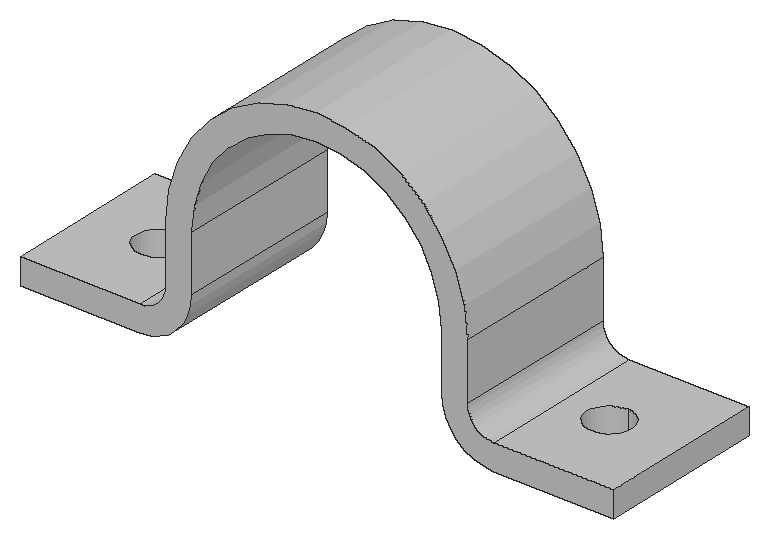
Revit family "Pipe-Strap-Atkore-Single-Piece-P2558-20", category Specialty Equipment, Revit 2012
Parameters (values of type "P2558-20")
  ecoScorecard_data = ""
  ecoScorecard Product Page = ""
  Unit = Metal - Aluminum - Atkore - Electro - Galvanized
  URL = "http://unistrut.us/index.php"
  Thickness = 3.20 mm
  Subcategory = "Pipe Strap"  # constant formula
  Product Page URL = ""
  Part Type = "Strap"  # constant formula
  Part Number = "P2558-20"
  Overall Width = 145.256 mm
  Overall Height = 63.50 mm
  Overall Depth = 41.275 mm
  Model = "P2558-20"  # constant formula
  Material = "Multiple Options - See Catalog"
  Manufacturer Toll Free Phone = "800-882-5543"  # constant formula
  Manufacturer Phone = "708-339-1610"  # constant formula
  Manufacturer Fax = "708-339-7814"  # constant formula
  Manufacturer Email = "mailto:questions@atkore.com"
  Manufacturer Address = "16100 South Lathrop Avenue, Harvey, IL 60426"  # constant formula
  Manufacturer = "Unistrut by Atkore International"  # constant formula
  Load Capacity Note = "Visit the product page for load application and capacity."  # constant formula
  Literature URL = ""
  Description = "Single Piece Pipe Strap"  # constant formula
  Cost Info = "mailto:questions@atkore.com"
  Construction Note = ""
  Conduit Size = 9.50 mm  # constant formula
  CSI MasterSpec = ""
  CAD URL = ""
  Assembly Code = "D5090300"
  95 CSI = "16070"  # constant formula
  04 CSI = "26 05 48"  # constant formula
Reference planes
  plane 1 "Center (Front/Back)": y = 0
  plane 2: z = 0
  plane 3 "Center (Left/Right)": x = 0
  plane 4: y = 20.637
  plane 5: y = -20.637
  plane 6: x = -72.628
  plane 7: x = 72.628
  plane 8: z = 63.5
Dimensions and locks
  equal spacing: plane 4, plane 1 "Center (Front/Back)", plane 5
  "Overall Height": plane 8 to level
  "Overall Depth": plane 4 to plane 5
  "Overall Width": plane 6 to plane 7
  equal spacing: plane 6, plane 3 "Center (Left/Right)", plane 7
  aligned and locked: level to plane 2
  aligned and locked: plane 3 "Center (Left/Right)" to nested 1
  aligned and locked: plane 1 "Center (Front/Back)" to nested 1
Nested families
  nested 1: "P2558-20" at (0, 0, 0), type "P2558-20"
Definition of nested family "P2558-20"
  Parameters (values of type "P2558-20")
    Unit = none
    Default Elevation = 0.00 mm
    C = 11.10 mm
    B = 7.10 mm
    A = 95.30 mm
  Reference planes
    plane 1 "Center (Front/Back)": y = 0
    plane 2: z = 0
    plane 3 "Center (Left/Right)": x = 0
    plane 4: y = -20.638
    plane 5: x = -72.628
    plane 6: x = 72.628
    plane 7: y = 20.637
    plane 8: z = 63.5
  Forms (mm)
    Sweep 1, solid, material <- "Unit"
      path origin (0, 0, 0) x (1, 0, 0) y (0, 1, 0)
        loop
          line (0, 20.637) -> (0, -20.638)
      profile origin (0, 0, 0) x (1, 0, 0) y (0, 0, 1)
        loop
          arc (36.909, 26.591) -> (0, 63.5) -> (-36.909, 26.591) r 36.909
          line (-36.909, 26.591) -> (-36.909, 12.7)
          arc (-36.909, 12.7) -> (-38.769, 8.21) -> (-43.259, 6.35) r 6.35
          line (-43.259, 6.35) -> (-43.259, 0)
          arc (-43.259, 0) -> (-34.279, 3.72) -> (-30.559, 12.7) r 12.7
          line (-30.559, 12.7) -> (-30.559, 26.591)
          arc (-30.559, 26.591) -> (0, 57.15) -> (30.559, 26.591) r 30.559
          line (30.559, 26.591) -> (30.559, 12.7)
          arc (30.559, 12.7) -> (34.279, 3.72) -> (43.259, 0) r 12.7
          line (43.259, 0) -> (43.259, 6.35)
          arc (43.259, 6.35) -> (38.769, 8.21) -> (36.909, 12.7) r 6.35
          line (36.909, 12.7) -> (36.909, 26.591)
    Sweep 2, solid, material <- "Unit"
      path origin (0, 0, 0) x (1, 0, 0) y (0, 0, 1)
        loop
          line (-72.628, 6.35) -> (-72.628, 0)
      profile origin (-72.628, 0, 3.175) x (0, -1, 0) y (1, 0, 0)
        loop
          line (20.637, 29.369) -> (-20.638, 29.369) -> (-20.638, 0) -> (20.637, 0) -> (20.637, 29.369)
        loop
          circle (0, 17.462) r 5.556
    Sweep 3, solid, material <- "Unit"
      path origin (0, 0, 0) x (-1, 0, 0) y (0, 0, 1)
        loop
          line (-72.628, 6.35) -> (-72.628, 0)
      profile origin (72.628, 0, 3.175) x (0, -1, 0) y (1, 0, 0)
        loop
          line (20.637, -29.369) -> (20.637, 0) -> (-20.638, 0) -> (-20.638, -29.369) -> (20.637, -29.369)
        loop
          circle (0, -17.462) r 5.556
  Cuts and joins
    joined: Sweep 1, Sweep 2, Sweep 3
  Dimensions and locks
    equal spacing: plane 4, plane 1 "Center (Front/Back)", plane 7
    equal spacing: plane 5, plane 3 "Center (Left/Right)", plane 6
    aligned and locked: plane 2 to level
    aligned and locked: plane 7 to Sweep 1 sketch curve
    aligned and locked: Sweep 1 sketch curve to plane 3 "Center (Left/Right)"
  Automatic sketch dimensions
    Sweep 1 sketch curve to plane 4 = 0.00 mm
    Sweep 1 sketch curve to Sweep 1 sketch curve = 0.00 mm  (x6)
    Sweep 1 sketch curve to level = 0.00 mm  (x2)
    profile plane to Sweep 1 sketch curve = 0.00 mm
    profile plane to Sweep 1 sketch curve = 30.559 mm
    Sweep 1 sketch curve to Sweep 1 sketch curve = 6.35 mm  (x3)
    Sweep 1 sketch curve to Sweep 1 sketch curve = 13.891 mm
    Sweep 2 sketch curve to level = 0.00 mm
    Sweep 2 sketch curve to plane 5 = 0.00 mm
    Sweep 2 sketch curve to Sweep 2 sketch curve = 6.35 mm
    Sweep 2 sketch curve to profile plane = 0.00 mm
    plane 1 "Center (Front/Back)" to Sweep 2 sketch curve = 0.00 mm
    Sweep 2 sketch curve to plane 1 "Center (Front/Back)" = 20.638 mm
    plane 1 "Center (Front/Back)" to Sweep 2 sketch curve = 20.637 mm
    Sweep 2 sketch curve to profile plane = 17.462 mm
    Sweep 2 sketch curve to Sweep 2 sketch curve = 11.906 mm
    Sweep 3 sketch curve to level = 0.00 mm
    Sweep 3 sketch curve to plane 6 = 0.00 mm
    Sweep 3 sketch curve to Sweep 3 sketch curve = 6.35 mm
    Sweep 3 sketch curve to profile plane = 0.00 mm
    plane 1 "Center (Front/Back)" to Sweep 3 sketch curve = 0.00 mm
    Sweep 3 sketch curve to plane 1 "Center (Front/Back)" = 20.638 mm
    plane 1 "Center (Front/Back)" to Sweep 3 sketch curve = 20.637 mm
    profile plane to Sweep 3 sketch curve = 17.462 mm
    Sweep 3 sketch curve to Sweep 3 sketch curve = 11.906 mm
    radius of Sweep 2 sketch curve = 5.556 mm
    radius of Sweep 3 sketch curve = 5.556 mm
